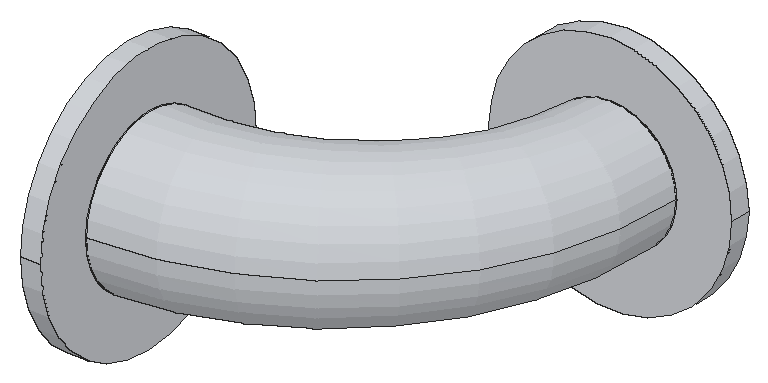
Revit family "2ae7acbf54034d4fa9df5183a31f3a16", category Pipe Fittings, Revit 2021
Family settings
  Round Connector Dimension = Use Radius
  Part Type = Elbow
  OmniClass Number = 23.60.30.11.14
  OmniClass Title = Pipework Fittings
  Seek Item ID = Elbow Reducing Long Radius - Flanged - GI - Class 25-0000-USA-ENU
  Work Plane-Based = No
  Always vertical = Yes
  Cut with Voids When Loaded = No
  Shared = No
Parameters (values of type "Standard")
  Wall Thickness 2 [instance] = size_lookup(Lookup Table Name, "WThk", 0.02 * Nominal Diameter 2 + 21/64", Nominal Diameter 2)  # 0.43307"
  Wall Thickness 1 [instance] = size_lookup(Lookup Table Name, "WThk", 0.02 * Nominal Diameter 1 + 21/64", Nominal Diameter 1)  # 0.43307"
  Tick Size 2 [instance] = Flange Diameter 2 * 0.4  # 3.6063"
  Tick Size 1 [instance] = Flange Diameter 1 * 0.4  # 4"
  Nominal Radius 2 [instance] = 2"
  Nominal Diameter 2 [instance] = Nominal Radius 2 * 2  # 4"
  Loss Method = K Coefficient from Table
  Lookup Table Name = "Elbow Reducing Long Radius - Flanged - GI - Class 25"
  Length 9 [instance] = Flange Thickness 2 + Length 5  # 0.77928"
  Length 8 [instance] = Center to Face - if(Max Nominal Diameter 12 = Nominal Diameter 1, Flange Thickness 1, Flange Thickness 2)  # 9.48819"
  Length 7 [instance] = Length 1 + Length 1 * cos(Angle) + (Flange Thickness 2 + Length 5) * cos(Angle)  # 9.48819"
  Length 6 [instance] = (Flange Thickness 2 + Length 5) * sin(Angle)  # 0.77928"
  Length 5 [instance] = if(Max Nominal Diameter 12 = Nominal Diameter 2, 1/32", if(Center to Face - Flange Thickness 2 - Length 1 > 1/32", Center to Face - Flange Thickness 2 - Length 1, 1/32"))  # 1/32"
  Length 4 [instance] = if(Max Nominal Diameter 12 = Nominal Diameter 1, 1/32", if(Center to Face - Flange Thickness 1 - Length 1 > 1/32", Center to Face - Flange Thickness 1 - Length 1, 1/32"))  # 1/32"
  Length 3 [instance] = Length 1 + Length 1 * cos(Angle)  # 9.48819"
  Length 2 [instance] = Length 1 * sin(Angle)  # 9.48819"
  Max Nominal Diameter 12 [instance] = if(Nominal Diameter 1 > Nominal Diameter 2, Nominal Diameter 1, Nominal Diameter 2)  # 5"
  K Coefficient Table = "Long Radius Flanged 45, 90 and 180 Elbow"
  Flange Thickness 2 [instance] = size_lookup(Lookup Table Name, "FThk", 0.03 * Nominal Diameter 2 + 169/256", Nominal Diameter 2)  # 0.74803"
  Flange Radius 2 [instance] = Flange Diameter 2 / 2  # 4.50787"
  Flange Diameter 2 [instance] = size_lookup(Lookup Table Name, "FDia", 1.16 * Nominal Diameter 2 + 4 11/16", Nominal Diameter 2)  # 9.01575"
  Fitting Outside Radius 2 [instance] = Fitting Outside Diameter 2 / 2  # 2.44094"
  Fitting Outside Radius 1 [instance] = Fitting Outside Diameter 1 / 2  # 2.93307"
  Fitting Outside Diameter 2 [instance] = Fitting Inside Diameter 2 + Wall Thickness 2 * 2  # 4.88189"
  Fitting Outside Diameter 1 [instance] = Fitting Inside Diameter 1 + Wall Thickness 1 * 2  # 5.86614"
  Length 1 [instance] = if(Max Nominal Diameter 12 * tan(Angle / 2) > Length 8, Max Nominal Diameter 12 * tan(Angle / 2) + 1/32", Length 8)  # 9.48819"
  Nominal Radius 1 [instance] = 2 1/2"
  Nominal Diameter 1 [instance] = Nominal Radius 1 * 2  # 5"
  Fitting Inside Diameter 2 [instance] = size_lookup(Lookup Table Name, "FID", 1.02 * Nominal Diameter 2 - 0", Nominal Diameter 2)  # 4.01575"
  Fitting Inside Diameter 1 [instance] = size_lookup(Lookup Table Name, "FID", 1.02 * Nominal Diameter 1 - 0", Nominal Diameter 1)  # 5"
  Default Elevation = 0' - 0"
  Center to Face [instance] = size_lookup(Lookup Table Name, "CtF", 1.27 * Max Nominal Diameter 12 + 4 1/256", Max Nominal Diameter 12)  # 10.23622"
  Center Radius [instance] = Length 1 / tan(Angle / 2)  # 9.48819"
  Flange Thickness 1 [instance] = size_lookup(Lookup Table Name, "FThk", 0.03 * Nominal Diameter 1 + 169/256", Nominal Diameter 1)  # 0.74803"
  Flange Radius 1 [instance] = Flange Diameter 1 / 2  # 5"
  Flange Diameter 1 [instance] = size_lookup(Lookup Table Name, "FDia", 1.16 * Nominal Diameter 1 + 4 11/16", Nominal Diameter 1)  # 10"
  Assembly Code = ""
  Angle [instance] = 90.00°
Reference planes (in)
  plane 1 "Center (Front/Back)": y = 0
  plane 2: z = 0
  plane 3 "Center (Left/Right)": x = 0
  plane 4: x = -9.48819
  plane 5: y = 9.48819
  plane 6: x = 0
  plane 7: y = 9.48819
  plane 8: x = -9.51944
  plane 9: x = -10.26747
  plane 10: x = 0
  plane 11: y = 10.26747
Forms (in)
  Sweep 1, solid, detail levels fine
    path in 3D
      loop
        line (-9.51944, 0, 0) -> (-9.48819, 0, 0)
    profile origin (-9.50381, 0, 0) x (0, 1, 0) y (0, 0, 1)
      loop
        circle (0, 0) r 2.93307
  Sweep 2, solid, detail levels fine
    path in 3D
      loop
        line (-9.51944, 0, 0) -> (-10.26747, 0, 0)
    profile origin (-9.89345, 0, 0) x (0, -1, 0) y (0, 0, 1)
      loop
        circle (0, 0) r 5
  SweptBlend 3, solid, detail levels fine
    path in 3D
      loop
        arc (-9.48819, 0, 0) -> (-2.77903, 2.77903, 0) -> (0, 9.48819, 0) r 9.48819
    profile origin (-9.48819, 0, 0) x (0, 1, 0) y (0, 0, 1)
      loop
        circle (0, 0) r 2.93307
    end profile origin (0, 9.48819, 0) x (-1, 0, 0) y (0, 0, 1)
      loop
        circle (0, 0) r 2.44094
  Sweep 4, solid, detail levels fine
    path in 3D
      loop
        line (0, 9.48819, 0) -> (0, 9.51944, 0)
    profile origin (0, 9.50381, 0) x (-1, 0, 0) y (0, 0, 1)
      loop
        circle (0, 0) r 2.44094
  Sweep 5, solid, detail levels fine
    path in 3D
      loop
        line (0, 10.26747, 0) -> (0, 9.51944, 0)
    profile origin (0, 9.89345, 0) x (1, 0, 0) y (0, 0, 1)
      loop
        circle (0, 0) r 4.50787
Cuts and joins
  joined: Sweep 1, Sweep 2
Lines and regions (in)
  model lines, detail levels coarse+medium
    curve 1: line (-9.51944, 0, 0) -> (-9.48819, 0, 0)
    curve 2: line (-9.51944, 0, 0) -> (-10.26747, 0, 0)
    curve 5: line (-10.26747, 0, 0) -> (-10.26747, 4, 0)
    curve 6: line (-10.26747, 0, 0) -> (-10.26747, -4, 0)
    curve 14: arc (-9.48819, 0, 0) -> (-2.77903, 2.77903, 0) -> (0, 9.48819, 0) r 9.48819
    curve 15: line (0, 10.26747, 0) -> (0, 9.48819, 0)
    curve 16: line (0, 10.26747, 0) -> (3.6063, 10.26747, 0)
    curve 17: line (0, 10.26747, 0) -> (-3.6063, 10.26747, 0)
  sketch lines
    curve 3: line (-9.51944, 0, 0) -> (-9.48819, 0, 0)
    curve 4: line (-9.51944, 0, 0) -> (-10.26747, 0, 0)
    curve 11: arc (-9.48819, 0, 0) -> (-2.77903, 2.77903, 0) -> (0, 9.48819, 0) r 9.48819
    curve 12: line (0, 9.48819, 0) -> (0, 9.51944, 0)
    curve 13: line (0, 10.26747, 0) -> (0, 9.51944, 0)
  reference lines
    curve 7: line (0, 10.26747, 0) -> (0, 17.01747, 0)
    curve 8: arc (-9.48819, 0, 0) -> (-2.77903, 2.77903, 0) -> (0, 9.48819, 0) r 9.48819
    curve 9: line (0, 9.48819, 0) -> (0, 9.51944, 0)
    curve 10: line (0, 10.26747, 0) -> (0, 9.51944, 0)
Dimensions and locks (in)
  "Length 1": plane 4 to plane 3 "Center (Left/Right)"
  "Center Radius": plane 5 to plane 1 "Center (Front/Back)"
  "Length 3": plane 4 to plane 6
  "Length 2": plane 7 to plane 1 "Center (Front/Back)"
  "Length 4": plane 8 to plane 4
  "Flange Thickness 1": plane 9 to plane 8
  "Length 6": plane 11 to plane 7
  "Tick Size 1": curve 5 to curve 5
  "Tick Size 1": curve 6 to curve 6
  "Length 7": plane 4 to plane 10
  "Length 5": curve 9 to curve 9
  "Flange Thickness 2": curve 10 to curve 10
  "Length 9": curve 15 to curve 15
  "Tick Size 2": curve 16 to curve 16
  "Tick Size 2": curve 17 to curve 17
  "Fitting Outside Radius 1": radius of Sweep 1 sketch curve
  "Flange Radius 1": radius of Sweep 2 sketch curve
  "Fitting Outside Radius 1": radius of SweptBlend 3 sketch curve
  "Fitting Outside Radius 2": radius of SweptBlend 3 sketch curve
  "Fitting Outside Radius 2": radius of Sweep 4 sketch curve
  "Flange Radius 2": radius of Sweep 5 sketch curve
  "Angle": angle plane 11 to curve 7
  "Angle": angle curve 8 to curve 8
  "Angle": angle plane 7 to curve 9
  "Angle": angle plane 11 to curve 10
  "Angle": angle curve 14 to curve 14
  "Angle": angle plane 11 to curve 15
  "Angle": angle plane 10 to curve 16
  "Angle": angle plane 10 to curve 17
  aligned and locked: plane 1 "Center (Front/Back)" to curve 1
  aligned and locked: plane 8 to curve 2
  aligned and locked: plane 1 "Center (Front/Back)" to curve 6
  aligned and locked: curve 6 to plane 9
  aligned and locked: plane 11 to curve 7
  aligned and locked: plane 10 to curve 7
  aligned and locked: plane 5 to curve 8
  aligned and locked: plane 4 to curve 8
  aligned and locked: plane 11 to curve 10
  aligned and locked: plane 10 to curve 10
  aligned and locked: plane 4 to curve 14
  aligned and locked: plane 1 "Center (Front/Back)" to curve 14
  aligned and locked: plane 11 to curve 15
  aligned and locked: plane 10 to curve 15
  aligned and locked: plane 10 to curve 17
  aligned and locked: plane 11 to curve 17
Automatic sketch dimensions
  Sweep 1 sketch curve to profile plane = 0' - 0"  (x2)
  Sweep 2 sketch curve to profile plane = 0' - 0"  (x2)
  SweptBlend 3 sketch curve to profile plane = 0' - 0"  (x4)
  Sweep 4 sketch curve to profile plane = 0' - 0"  (x2)
  profile plane to Sweep 5 sketch curve = 0' - 0"
  Sweep 5 sketch curve to profile plane = 0' - 0"
Connectors (in)
  piping at (-10.26747, 0, 0), diameter 5, driven by "Nominal Radius 1", driven by "Angle"
    settings: on Sweep 2, index 1, connector inside diameter 5", connector length 0' - 0", flow factor 0, pipe flow 0 GPM, pressure drop 0.00 psi, fitting loss kfactor 0, connector angle 90.00°, fixture units 0, engagement length 0' - 0", angle of deflection 0.00°, flow configuration 0, flow direction 0, fitting loss method 0, system type 28, joint type 0, gender type 0, connector reference index 2, connector utility 0, adjustable connector no, is connector primary yes, connector description ""
  piping at (0, 10.26747, 0), diameter 4, driven by "Nominal Radius 2", driven by "Angle"
    settings: on Sweep 5, index 2, connector inside diameter 4", connector length 0' - 0", flow factor 0, pipe flow 0 GPM, pressure drop 0.00 psi, fitting loss kfactor 0, connector angle 90.00°, fixture units 0, engagement length 0' - 0", angle of deflection 0.00°, flow configuration 0, flow direction 0, fitting loss method 0, system type 28, joint type 0, gender type 0, connector reference index 1, connector utility 0, adjustable connector no, is connector primary no, connector description ""
